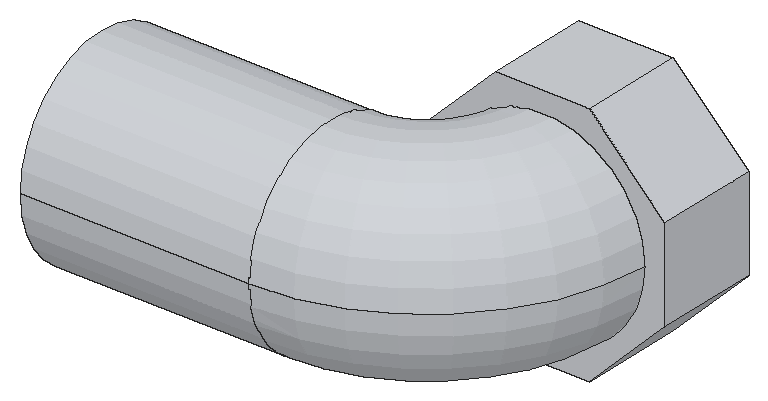
Revit family "Cotovelo - Junta x Rosqueada M - PPR", category Conexões de tubo, Revit 2019
Family settings
  Cota do conector redondo = Usar raio
  Tipo de parte = Cotovelo
  Com base no plano de trabalho = Não
  Sempre na vertical = Sim
  Corte com vazios quando carregada = Não
  Compartilhado = Não
Parameters (values of type "Padrão")
  Tamanho da marca de revisão [instance] = 0.4 * Diâmetro externo do soquete 1  # 17.2 mm
  Raio externo do soquete 1 [instance] = Diâmetro externo do soquete 1 / 2  # 21.5 mm
  Diâmetro externo do soquete 2 [instance] = Diâmetro externo do soquete 1 * 1.2  # 51.6 mm
  Diâmetro externo do soquete 1 [instance] = size_lookup(Nome da tabela de pesquisa, "SOD1", 1.08 * Diâmetro nominal 1 + 8.8 mm, Diâmetro nominal 1)  # 43 mm
  Raio nominal 2 [instance] = 7.5 mm
  Raio nominal 1 [instance] = 16 mm
  Diâmetro nominal 2 [instance] = Raio nominal 2 * 2  # 15 mm
  Diâmetro nominal 1 [instance] = Raio nominal 1 * 2  # 32 mm
  Método de perda = Coeficiente K da tabela
  Nome da tabela de pesquisa = "BR_Elbow - Slip x Threaded M - PPR"
  Comprimento 3 [instance] = Centro ao final - (Raio externo do soquete 1 * 1.1)  # 21.95 mm
  Comprimento 2 [instance] = Raio externo do soquete 1 * 1.2  # 25.8 mm
  Comprimento 1 [instance] = sin(22.50°) * (Diâmetro externo do soquete 2 / 2)  # 9.873 mm
  Comprimento [instance] = size_lookup(Nome da tabela de pesquisa, "Lgt", 1.74 * Diâmetro nominal 1 + 9.8 mm, Diâmetro nominal 1, Diâmetro nominal 2)  # 74.0 mm
  Tabela de coeficiente K = "Cotovelo regular 45, 90 e 180"
  Centro ao final [instance] = size_lookup(Nome da tabela de pesquisa, "CtE", 0.77 * Diâmetro nominal 1 + 20.7 mm, Diâmetro nominal 1, Diâmetro nominal 2)  # 45.6 mm
  Raio do centro [instance] = Comprimento 2 / tan(Ângulo / 2)  # 25.8 mm
  Assembly Code = ""
  Ângulo [instance] = 90.00°
Reference planes
  plane 1 "Centro (Frente/Trás)": y = 0
  plane 2: z = 0
  plane 3 "Centro (Esquerda/Direita)": x = 0
  plane 4: x = -74
  plane 5: x = -25.8
  plane 6: y = 17.2
  plane 7: y = -17.2
  plane 8: x = 25.8
  plane 9: z = 25.8
  plane 10: z = -25.8
  plane 11: y = 25.8
Forms (mm)
  Extrusion 1, solid, detail levels fine
    sketch origin (0, 0, 0) x (0, 1, 0) y (0, 0, 1)
      loop
        circle (0, 0) r 21.5
    from -74 to -25.8
  Sweep 2, solid, detail levels fine
    path origin (0, 0, 0) x (0, 1, 0) y (-1, 0, 0)
      loop
        arc (0, 25.8) -> (7.557, 7.557) -> (25.8, 0) r 25.8
    profile origin (-7.557, 7.557, 0) x (-0.707107, 0.707107, 0) y (0, 0, 1)
      loop
        circle (0, 0) r 21.5
  Sweep 3, solid, detail levels fine
    path origin (0, 0, 0) x (0, 1, 0) y (-1, 0, 0)
      loop
        line (45.6, 0) -> (23.65, 0)
    profile origin (0, 34.625, 0) x (1, 0, 0) y (0, 0, 1)
      loop
        line (-25.8, 9.873) -> (-25.8, -9.873) -> (-9.873, -25.8) -> (9.873, -25.8) -> (25.8, -9.873) -> (25.8, 9.873) -> (9.873, 25.8) -> (-9.873, 25.8) -> (-25.8, 9.873)
Cuts and joins
  joined: Extrusion 1, Sweep 2, Sweep 3
Lines and regions (mm)
  model lines, detail levels coarse+medium
    curve 1: line (-74, 0, 0) -> (-25.8, 0, 0)
    curve 2: line (-74, 17.2, 0) -> (-74, -17.2, 0)
    curve 4: arc (-25.8, 0, 0) -> (-7.557, 7.557, 0) -> (0, 25.8, 0) r 25.8
    curve 5: line (0, 45.6, 0) -> (0, 25.8, 0)
    curve 6: line (-17.2, 45.6, 0) -> (17.2, 45.6, 0)
  reference lines
    curve 3: line (0, 0, 0) -> (0, 45.6, 0)
Dimensions and locks
  "Tamanho da marca de revisão": plane 6 to plane 1 "Centro (Frente/Trás)"
  "Tamanho da marca de revisão": plane 7 to plane 1 "Centro (Frente/Trás)"
  plane 3 "Centro (Esquerda/Direita)" to plane 8 = 25.8 mm
  equal spacing: plane 10, plane 2, plane 9
  "Diâmetro externo do soquete 2": plane 10 to plane 9
  "Comprimento 2": plane 5 to plane 3 "Centro (Esquerda/Direita)"
  "Centro ao final": curve 3 to curve 3
  "Raio do centro": plane 11 to plane 1 "Centro (Frente/Trás)"
  "Centro ao final": Sweep 3 sketch curve to curve 3
  "Comprimento 3": Sweep 3 sketch curve to Sweep 3 sketch curve
  "Comprimento 1": Sweep 3 sketch curve to profile plane  (x4)
  "Comprimento 1": profile plane to Sweep 3 sketch curve  (x4)
  "Comprimento 2": Sweep 3 sketch curve to profile plane  (x2)
  "Comprimento 2": profile plane to Sweep 3 sketch curve  (x2)
  "Comprimento 2": plane 3 "Centro (Esquerda/Direita)" to plane 8
  "Tamanho da marca de revisão": curve 5 to curve 6
  "Tamanho da marca de revisão": curve 6 to curve 5
  "Comprimento": plane 4 to plane 3 "Centro (Esquerda/Direita)"
  "Raio externo do soquete 1": radius of Extrusion 1 sketch curve
  "Raio do centro": radius of Sweep 2 sketch curve
  "Raio externo do soquete 1": radius of Sweep 2 sketch curve
  "Raio do centro": radius of curve 4
  "Ângulo": angle plane 1 "Centro (Frente/Trás)" to curve 3
  "Ângulo": angle Sweep 2 sketch curve to Sweep 2 sketch curve
  "Ângulo": angle curve 4 to curve 4
  locked: curve 5 to curve 6 (angle 90.00°)
  aligned and locked: plane 5 to curve 1
  aligned and locked: plane 6 to curve 2
  aligned and locked: plane 7 to curve 2
  aligned and locked: curve 2 to plane 4
  aligned and locked: plane 3 "Centro (Esquerda/Direita)" to curve 3
  aligned and locked: plane 1 "Centro (Frente/Trás)" to curve 3
  aligned and locked: plane 2 to Extrusion 1 sketch curve
  aligned and locked: plane 1 "Centro (Frente/Trás)" to Extrusion 1 sketch curve
  aligned and locked: Extrusion 1 to plane 4
  aligned and locked: plane 5 to Extrusion 1
  aligned and locked: plane 11 to Sweep 2 sketch curve
  aligned and locked: plane 5 to Sweep 2 sketch curve  (x2)
  aligned and locked: Sweep 3 sketch curve to curve 3
  aligned and locked: plane 11 to curve 4
  aligned and locked: plane 5 to curve 4  (x2)
  aligned and locked: curve 5 to curve 3
  aligned and locked: curve 6 to curve 3
Automatic sketch dimensions
  plane 1 "Centro (Frente/Trás)" to curve 1 = 0.0 mm
  Sweep 2 sketch curve to profile plane = 0.0 mm
  profile plane to Sweep 2 sketch curve = 0.0 mm
Connectors
  piping at (-74, 0, 0), diameter 32, driven by "Ângulo", driven by "Raio nominal 1"
    settings: on Extrusion 1, index 1, connector inside diameter 32 mm, connector length 0.0 mm, flow factor 0, pipe flow 0.0 L/s, pressure drop 0.0 Pa, fitting loss kfactor 0, connector angle 90.00°, fixture units 0, engagement length 0.0 mm, angle of deflection 0.00°, flow configuration 0, flow direction 0, fitting loss method 0, system type 28, joint type 0, gender type 0, connector reference index 2, connector utility 0, adjustable connector no, is connector primary yes, connector description ""
  piping at (0, 45.6, 0), diameter 15, driven by "Ângulo", driven by "Raio nominal 2"
    settings: on Sweep 3, index 2, connector inside diameter 15 mm, connector length 0.0 mm, flow factor 0, pipe flow 0.0 L/s, pressure drop 0.0 Pa, fitting loss kfactor 0, connector angle 90.00°, fixture units 0, engagement length 0.0 mm, angle of deflection 0.00°, flow configuration 0, flow direction 0, fitting loss method 0, system type 28, joint type 0, gender type 0, connector reference index 1, connector utility 0, adjustable connector no, is connector primary no, connector description ""
